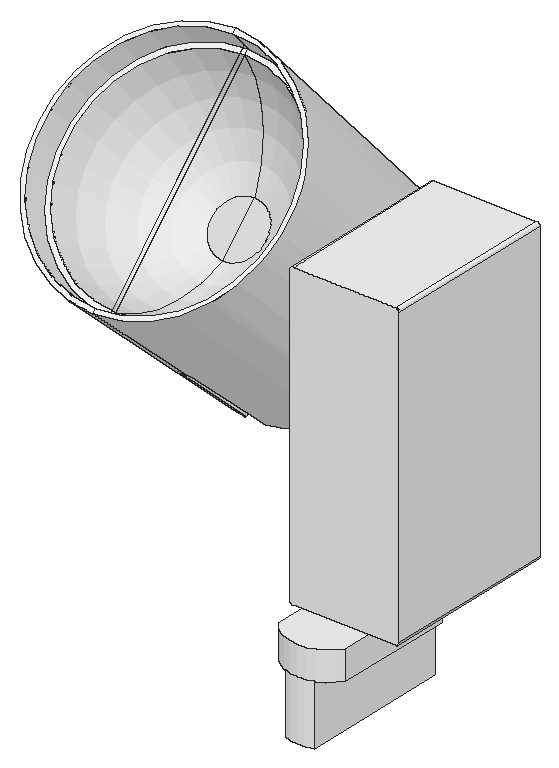
Revit family "0004830 Feilo Sylvania Lighting Fixture START TRACK SPOT L 35W 4K RA80 MB WHITE", category Lighting Fixtures, host Face, Revit 2017
Family settings
  Host = Face
  Round Connector Dimension = Use Diameter
  Part Type = Normal
  OmniClass Number = 23.80.70.00
  OmniClass Title = Lighting
  Cut with Voids When Loaded = No
  Light Source = No
  Shared = No
  Room Calculation Point = No
Parameters (values of type "0004830 START TRACK SPOT L 35W 4K RA80 MB WHITE")
  Weight = "1.368 kg"
  Wattage Comments = ""
  WarrantyStartDate [instance] = "n/a"
  WarrantyGuarantorParts = "n/a"
  WarrantyDurationUnit = "n/a"
  WarrantyDurationParts = "n/a"
  WarrantyDescription = "n/a"
  Voltage = 230 V
  URL = "http://www.sylvania-lighting.com"
  TypeName = "START TRACK SPOT L 35W 4K RA80 MB WHITE"
  TypeHead_FEILO = Start Track Spot Head : 0004830 START TRACK SPOT L 35W 4K RA80 MB WHITE
  TypeBox_FEILO = Start Track Spot Box : Type Large White
  Type Image = <None>
  Type Comments = "n/a"
  VerticalRotation_FEILO [instance] = 0.00°
  SlideEndAngle_FEILO [instance] = VerticalRotation_FEILO + 180.00°  # 180.00°
  SerialNumber [instance] = "n/a"
  Material_3_FEILO = none
  PowerFactor = 0.93
  PowerConsumption = "35 W"
  NominalLength = 0 mm
  NominalHeight = 240 mm
  NominalDepth = 164 mm
  Name = "START TRACK SPOT L 35W 4K RA80 MB WHITE"
  ModelReference = Name  # "START TRACK SPOT L 35W 4K RA80 MB WHITE"
  ModelNumber = "0004830"
  Model = Name  # "START TRACK SPOT L 35W 4K RA80 MB WHITE"
  Material = "adc12 aluminium housing, polycarbonate diffuser"
  ManufacturerName = "Feilo Sylvania"
  Manufacturer = "Feilo Sylvania"
  LuminousEfficacy = "115 lm/W"
  LuminaireType = ""
  LightOutputRatio = "100"
  LampsType = Lamp  # "LED"
  LampNominalLuminous = "4017 lm"
  LampMacAdamStep = "3"
  LampColourTemperature = "4000 K"
  LampColourRenderingIndex = "80"
  Lamp = "LED"
  Keynote = "16500"
  InstallationDate [instance] = "n/a"
  InputVoltage = "230-240V~"
  InputNominalFrequency = "50/60 Hz"
  IngressProtection = "IP20"
  ImpactProtectionIndex = "IK02"
  IfcExportType = "IfcLightFixtureType"
  IfcExportAs = "IfcLightFixtureType"
  HorizontalRotation_FEILO [instance] = 45.00°
  ExpectedLife = 50000
  ElectricShockClassification = "Class II"
  DurationUnit = "hours"
  DocumentationLiterature = "http://www.sylvania-lighting.com/product/en-int/products/0004830"
  DimmingControlOptions = "Non dimmable"
  Material_2_FEILO = none
  Description = "Integrated LED spotlight, Textured White - RAL9016, compact and minimalist design, ideal for retail applications, die-cast aluminium body, passive cooling heatsink. Beam angle: 38°, color temperature: 4000K , total system power: 35W, total fixture output: 4017 lm, LOR: 100%, colour rendering: Ra: 80 typical, LED Chromaticity: 3 step MacAdam ellipse, lifetime: >50000 hours at L70B50, energy class: A++, A+, A, IR/UV free light source without heat radiation, operating voltage: 220-240V / 50-60Hz, drive current: 900mA, electronic driver, non-dimmable, power factor: 0.93, electrical protection: Class II, Global Track 3 Phase adapter suitable for Global trac 3-circuit tracks, ingress protection rating: IP20, suitable for internal environment only, horizontal rotation: 355°, vertical tilt: 90°, dimensions: Ø113x164x240, weight: 1.368kg."
  Default Elevation = 1219.2 mm
  CreatedOn = "12/12/2017"
  CreatedBy = ""
  Cost = 0
  built-in parameter 1114216 [instance] = (empty or 0)
  ClassificationValue = "EF_70_80"
  ClassificationName = "Uniclass2015"
  Material_1_FEILO = Body-Sylvania-StartTrackSpot-White
  BarCode [instance] = "n/a"
  AssetType = "Fixed"
  AssetIdentifier [instance] = "n/a"
  Assembly Code = "D5020200"
  Apparent Load = 35 VA
  Material_4_FEILO = none
Reference planes
  plane 1 "Center (Front/Back)": y = 0
  plane 2: z = 0
  plane 3 "Center (Left/Right)": x = 0
  plane 4: x = 15
  plane 5: x = -15
  plane 6: y = 35
  plane 7: y = -35
  plane 8: z = 13
  plane 9: z = -27
  plane 10: x = 6.5
  plane 11: x = -6.5
  plane 12: y = 27
  plane 13: y = -27
  plane 14: y = 20
Forms (mm)
  Extrusion 1, solid, material "Body-Sylvania-StartTrackSpot-White" <- "Material_1_FEILO"
    sketch origin (0, 0, 0) x (1, 0, 0) y (0, 1, 0)
      loop
        line (-15, 27) -> (-15, -27)
        arc (-15, -27) -> (0, -35) -> (15, -27) r 18.062
        line (15, -27) -> (15, 27)
        arc (15, 27) -> (0, 35) -> (-15, 27) r 18.062
    from 0 to 13
  Extrusion 2, solid, material "Body-Sylvania-StartTrackSpot-White" <- "Material_1_FEILO"
    sketch origin (0, 0, 0) x (1, 0, 0) y (0, 1, 0)
      loop
        arc (6.5, 33.79) -> (0, 35) -> (-6.5, 33.79) r 18.062
        line (-6.5, 33.79) -> (-6.5, -33.79)
        arc (-6.5, -33.79) -> (0, -35) -> (6.5, -33.79) r 18.062
        line (6.5, -33.79) -> (6.5, 33.79)
    from 0 to -27
  Revolve 3, solid, not visible
    sketch origin (1524, 20, 1219.2) x (1, 0, 0) y (0, 0, 1)
      loop
        line (-1524, -1206.2) -> (-1524, -1191.285) -> (-1530.5, -1191.285) -> (-1530.5, -1206.2) -> (-1524, -1206.2)
      axis (-1524, -1191.285) -> (-1524, -1206.2)
    angle from 0 <- "VerticalRotation_FEILO" to 180 <- "SlideEndAngle_FEILO"
Cuts and joins
  joined: Extrusion 1, Extrusion 2
Dimensions and locks
  equal spacing: plane 10, plane 3 "Center (Left/Right)", plane 11
  equal spacing: plane 4, plane 3 "Center (Left/Right)", plane 5
  locked: plane 8 to plane 2 at 13
  locked: plane 8 to plane 9 at 40
  equal spacing: plane 13, plane 1 "Center (Front/Back)", plane 12
  locked: plane 12 to plane 6 at 8
  locked: plane 14 to plane 6 at 15
  locked: Revolve 3 sketch curve to plane 8 at 14.915
  aligned and locked: plane 2 to host face
  aligned and locked: level to host face
  aligned and locked: plane 5 to Extrusion 1 sketch curve  (x2)
  aligned and locked: plane 12 to Extrusion 1 sketch curve
  aligned and locked: plane 13 to Extrusion 1 sketch curve
  aligned and locked: plane 4 to Extrusion 1 sketch curve
  aligned and locked: Extrusion 1 to plane 8
  aligned and locked: Extrusion 1 to level
  aligned and locked: Extrusion 2 sketch curve to Extrusion 1  (x2)
  aligned and locked: Extrusion 2 sketch curve to plane 11
  aligned and locked: plane 10 to Extrusion 2 sketch curve
  aligned and locked: plane 9 to Extrusion 2
  aligned and locked: level to Extrusion 2
  aligned and locked: Revolve 3 sketch curve to plane 3 "Center (Left/Right)"  (x2)
  aligned and locked: plane 11 to Revolve 3 sketch curve
  aligned and locked: Revolve 3 sketch curve to plane 8
Automatic sketch dimensions
  host sketch curve to host sketch curve = 2438.4 mm  (x2)
  Extrusion 1 sketch curve to plane 3 "Center (Left/Right)" = 0 mm  (x2)
  Extrusion 1 sketch curve to plane 13 = 10.062 mm
  plane 12 to Extrusion 1 sketch curve = 10.062 mm
  Revolve 3 sketch curve to plane 3 "Center (Left/Right)" = 0 mm
  plane 9 to Revolve 3 sketch curve = 582.6 mm
  Revolve 3 sketch curve to Revolve 3 sketch curve = 2581.144 mm
Nested families
  nested 1: "Start Track Spot Head" at (-75.5, 20, 133) x (0, 0.7071, 0.7071) z (0, 0.7071, -0.7071), type <- "TypeHead_FEILO", type "0004830 START TRACK SPOT L 35W 4K RA80 MB WHITE"
    with built-in parameter 1114216 (empty or 0)
  nested 2: "Start Track Spot Box" at (8.5, 20, 85) x (-1, 0, 0) z (0, -1, 0), BoxStartAngle_FEILO <- "HorizontalRotation_FEILO", type <- "TypeBox_FEILO", type "Type Large White"
    with BoxStartAngle_FEILO 45.00°, BoxEndAngle_FEILO -135.00°
Connectors
  electrical at (0, 0, 0), driven by "Apparent Load", driven by "PowerFactor", driven by "Voltage"
    settings: index 1, voltage 230 V, apparent load 35 VA, apparent load phase1 0 VA, apparent load phase2 0 VA, apparent load phase3 0 VA, power factor 0.93, load classification "Lighting", number of poles 1, system type 30, power factor state 1, is connector primary yes, connector utility no, sub classification motor no, connector description ""
Definition of nested family "Start Track Spot Head"
  Parameters (values of type "0004811 START TRACK SPOT S 14W 3K RA80 NB WHITE")
    Wattage Comments = "n/a"
    Wattage = 14 W
    built-in parameter 1150110 = 1 (stored number, unit not read)
    URL = "http://www.feilosylvania.com"
    Type Image = (empty or 0)
    Type Comments = "n/a"
    built-in parameter 1114217 = 1 (stored number, unit not read)
    Tilt Angle = -90.00°
    built-in parameter 1150109 = 1 (stored number, unit not read)
    built-in parameter 1150134 = (empty or 0)
    built-in parameter 1150113 = 1 (stored number, unit not read)
    Photometric Web File = "0004811.ies"
    Material_3_FEILO = none
    Model = "START TRACK SPOT S 14W 3K RA80 NB WHITE"
    Manufacturer = "Feilo Sylvania"
    built-in parameter 1150105 = 123.66 (stored number, unit not read)
    Lumens = 1554 lm
    built-in parameter 1150115 = 1 (stored number, unit not read)
    built-in parameter 1150137 = (empty or 0)
    built-in parameter 1150139 = (empty or 0)
    built-in parameter 1150112 = 1 (stored number, unit not read)
    built-in parameter 1150114 = 1 (stored number, unit not read)
    Lamp = "LED"
    Keynote = "16500"
    Material_2_FEILO = none
    built-in parameter 1150132 = (empty or 0)
    built-in parameter 1150102 = (empty or 0)
    built-in parameter 1150107 = 3000 (stored number, unit not read)
    built-in parameter 1150138 = (empty or 0)
    built-in parameter 1150106 = 1.2366 (stored number, unit not read)
    HeadThickness_FEILO = if(HeadDiaOut_FEILO > 112 mm, 2 mm, 1.5 mm)  # 1.5 mm
    HeadRibOffset_FEILO = HeadHeight_FEILO / 28  # 4.179 mm
    HeadRibDepth_FEILO = HeadHeight_FEILO / 2.1  # 55.714 mm
    HeadRibCutWidth_FEILO = HeadDiaOut_FEILO / 12  # 7.167 mm
    HeadRibCutOffset_FEILO = HeadHeight_FEILO / 2.3  # 50.87 mm
    HeadReflectorRadius_FEILO = HeadDiaOut_FEILO / 1.7  # 50.588 mm
    HeadReflectorOffset_FEILO = HeadHeight_FEILO / 2.1  # 55.714 mm
    HeadLEDRadius_FEILO = HeadDiaOut_FEILO / 9  # 9.556 mm
    HeadHeight_FEILO = 117 mm
    HeadDraft_FEILO = 1 mm
    HeadDiffusorThickness_FEILO = 3 mm
    HeadDiffusorOffset_FEILO = HeadHeight_FEILO / 12.4  # 9.435 mm
    HeadDiaOut_FEILO = 86 mm
    HeadDiaIn_FEILO = HeadDiaOut_FEILO / 1.11  # 77.477 mm
    HeadAxisFromTop_FEILO = HeadHeight_FEILO / 1.687  # 69.354 mm
    Emit from Circle Diameter = HeadDiaIn_FEILO  # 77.477 mm
    Emit Shape Visible in Rendering = no
    built-in parameter 1150104 = 10.312 (stored number, unit not read)
    Dimming Lamp Color Temperature Shift = (empty or 0)
    Description = "Integrated LED spotlight, Textured White - RAL9016, compact and minimalist design, ideal for retail applications, die-cast aluminium body, passive cooling heatsink. Beam angle: 12°, color temperature: 3000K , total system power: 14W, total fixture output: 1551 lm, LOR: 100%, colour rendering: Ra: 80 typical, LED Chromaticity: 3 step MacAdam ellipse, lifetime: >50000 hours at L70B50, energy class: A++, A+, A, IR/UV free light source without heat radiation, operating voltage: 220-240V / 50-60Hz, drive current: 350mA, electronic driver, non-dimmable, power factor: 0.92, electrical protection: Class II, Global Track 3 Phase adapter suitable for Global trac 3-circuit tracks, ingress protection rating: IP20, suitable for internal environment only, horizontal rotation: 355°, vertical tilt: 90°, dimensions: Ø86x140x200, weight: 0.940kg."
    Default Elevation = 1219.2 mm
    Cost = 0
    Color Filter = 16777215
    built-in parameter 1114216 [instance] = (empty or 0)
    Material_1_FEILO = none
    built-in parameter 1114218 = 1 (stored number, unit not read)
    built-in parameter 1150133 = 10 (stored number, unit not read)
    Assembly Code = "D5020200"
    Apparent Load = 14 VA
    Material_4_FEILO = none
  Types (96, lengths in mm): name | Wattage | built-in parameter 1150134 | Photometric Web File | Model | built-in parameter 1150105 | Lumens | built-in parameter 1150107 | built-in parameter 1150106 | HeadThickness_FEILO | HeadRibOffset_FEILO | HeadRibDepth_FEILO | HeadRibCutWidth_FEILO | HeadRibCutOffset_FEILO | HeadReflectorRadius_FEILO | HeadReflectorOffset_FEILO | HeadLEDRadius_FEILO | HeadHeight_FEILO | HeadDiffusorOffset_FEILO | HeadDiaOut_FEILO | HeadDiaIn_FEILO | HeadAxisFromTop_FEILO | Emit from Circle Diameter | built-in parameter 1150104 | Description | Apparent Load
    0004906 START TRACK SPOT L 55W 4K RA90 WB BLACK | 55 W | 12 | "0004906.ies" | "START TRACK SPOT L 55W 4K RA90 WB BLACK" | 385.15 (stored number, unit not read) | 4840 lm | 4000 (stored number, unit not read) | 3.8515 (stored number, unit not read) | 2 | 4.429 | 59.048 | 9.417 | 53.913 | 66.471 | 59.048 | 12.556 | 124 | 10 | 113 | 101.802 | 73.503 | 101.802 | 8.1755 (stored number, unit not read) | "Integrated LED spotlight, Textured Black - RAL9005, compact and minimalist design, ideal for retail applications, die-cast aluminium body, passive cooling heatsink. Beam angle: 52°, color temperature: 4000K , total system power: 55W, total fixture output: 4824 lm, LOR: 100%, colour rendering: Ra: 90 typical, LED Chromaticity: 3 step MacAdam ellipse, lifetime: >50000 hours at L70B50, energy class: A++, A+, A, IR/UV free light source without heat radiation, operating voltage: 220-240V / 50-60Hz, drive current: 1400mA, electronic driver, non-dimmable, power factor: 0.96, electrical protection: Class II, Global Track 3 Phase adapter suitable for Global trac 3-circuit tracks, ingress protection rating: IP20, suitable for internal environment only, horizontal rotation: 355°, vertical tilt: 90°, dimensions: Ø113x164x240, weight: 1.398kg." | 55 VA
    0004905 START TRACK SPOT L 55W 4K RA90 MB BLACK | 55 W | 12 | "0004905.ies" | "START TRACK SPOT L 55W 4K RA90 MB BLACK" | 389.53 (stored number, unit not read) | 4895 lm | 4000 (stored number, unit not read) | 3.8953 (stored number, unit not read) | 2 | 4.429 | 59.048 | 9.417 | 53.913 | 66.471 | 59.048 | 12.556 | 124 | 10 | 113 | 101.802 | 73.503 | 101.802 | 8.2684 (stored number, unit not read) | "Integrated LED spotlight, Textured Black - RAL9005, compact and minimalist design, ideal for retail applications, die-cast aluminium body, passive cooling heatsink. Beam angle: 38°, color temperature: 4000K , total system power: 55W, total fixture output: 4897 lm, LOR: 100%, colour rendering: Ra: 90 typical, LED Chromaticity: 3 step MacAdam ellipse, lifetime: >50000 hours at L70B50, energy class: A++, A+, A, IR/UV free light source without heat radiation, operating voltage: 220-240V / 50-60Hz, drive current: 1400mA, electronic driver, non-dimmable, power factor: 0.96, electrical protection: Class II, Global Track 3 Phase adapter suitable for Global trac 3-circuit tracks, ingress protection rating: IP20, suitable for internal environment only, horizontal rotation: 355°, vertical tilt: 90°, dimensions: Ø113x164x240, weight: 1.398kg." | 55 VA
    0004904 START TRACK SPOT L 55W 4K RA90 NB BLACK | 55 W | 12 | "0004904.ies" | "START TRACK SPOT L 55W 4K RA90 NB BLACK" | 393.91 (stored number, unit not read) | 4950 lm | 4000 (stored number, unit not read) | 3.9391 (stored number, unit not read) | 2 | 4.429 | 59.048 | 9.417 | 53.913 | 66.471 | 59.048 | 12.556 | 124 | 10 | 113 | 101.802 | 73.503 | 101.802 | 8.3613 (stored number, unit not read) | "Integrated LED spotlight, Textured Black - RAL9005, compact and minimalist design, ideal for retail applications, die-cast aluminium body, passive cooling heatsink. Beam angle: 15°, color temperature: 4000K , total system power: 55W, total fixture output: 4965 lm, LOR: 100%, colour rendering: Ra: 90 typical, LED Chromaticity: 3 step MacAdam ellipse, lifetime: >50000 hours at L70B50, energy class: A++, A+, A, IR/UV free light source without heat radiation, operating voltage: 220-240V / 50-60Hz, drive current: 1400mA, electronic driver, non-dimmable, power factor: 0.96, electrical protection: Class II, Global Track 3 Phase adapter suitable for Global trac 3-circuit tracks, ingress protection rating: IP20, suitable for internal environment only, horizontal rotation: 355°, vertical tilt: 90°, dimensions: Ø113x164x240, weight: 1.398kg." | 55 VA
    0004903 START TRACK SPOT L 35W 4K RA90 WB BLACK | 35 W | 12 | "0004903.ies" | "START TRACK SPOT L 35W 4K RA90 WB BLACK" | 284.09 (stored number, unit not read) | 3570 lm | 4000 (stored number, unit not read) | 2.8409 (stored number, unit not read) | 2 | 4.429 | 59.048 | 9.417 | 53.913 | 66.471 | 59.048 | 12.556 | 124 | 10 | 113 | 101.802 | 73.503 | 101.802 | 9.4761 (stored number, unit not read) | "Integrated LED spotlight, Textured Black - RAL9005, compact and minimalist design, ideal for retail applications, die-cast aluminium body, passive cooling heatsink. Beam angle: 52°, color temperature: 4000K , total system power: 35W, total fixture output: 3562 lm, LOR: 100%, colour rendering: Ra: 90 typical, LED Chromaticity: 3 step MacAdam ellipse, lifetime: >50000 hours at L70B50, energy class: A++, A+, A, IR/UV free light source without heat radiation, operating voltage: 220-240V / 50-60Hz, drive current: 900mA, electronic driver, non-dimmable, power factor: 0.93, electrical protection: Class II, Global Track 3 Phase adapter suitable for Global trac 3-circuit tracks, ingress protection rating: IP20, suitable for internal environment only, horizontal rotation: 355°, vertical tilt: 90°, dimensions: Ø113x164x240, weight: 1.368kg." | 35 VA
    0004902 START TRACK SPOT L 35W 4K RA90 MB BLACK | 35 W | 12 | "0004902.ies" | "START TRACK SPOT L 35W 4K RA90 MB BLACK" | 286.88 (stored number, unit not read) | 3605 lm | 4000 (stored number, unit not read) | 2.8688 (stored number, unit not read) | 2 | 4.429 | 59.048 | 9.417 | 53.913 | 66.471 | 59.048 | 12.556 | 124 | 10 | 113 | 101.802 | 73.503 | 101.802 | 9.569 (stored number, unit not read) | "Integrated LED spotlight, Textured Black - RAL9005, compact and minimalist design, ideal for retail applications, die-cast aluminium body, passive cooling heatsink. Beam angle: 38°, color temperature: 4000K , total system power: 35W, total fixture output: 3616 lm, LOR: 100%, colour rendering: Ra: 90 typical, LED Chromaticity: 3 step MacAdam ellipse, lifetime: >50000 hours at L70B50, energy class: A++, A+, A, IR/UV free light source without heat radiation, operating voltage: 220-240V / 50-60Hz, drive current: 900mA, electronic driver, non-dimmable, power factor: 0.93, electrical protection: Class II, Global Track 3 Phase adapter suitable for Global trac 3-circuit tracks, ingress protection rating: IP20, suitable for internal environment only, horizontal rotation: 355°, vertical tilt: 90°, dimensions: Ø113x164x240, weight: 1.368kg." | 35 VA
    0004901 START TRACK SPOT L 35W 4K RA90 NB BLACK | 35 W | 12 | "0004901.ies" | "START TRACK SPOT L 35W 4K RA90 NB BLACK" | 286.88 (stored number, unit not read) | 3605 lm | 4000 (stored number, unit not read) | 2.8688 (stored number, unit not read) | 2 | 4.429 | 59.048 | 9.417 | 53.913 | 66.471 | 59.048 | 12.556 | 124 | 10 | 113 | 101.802 | 73.503 | 101.802 | 9.569 (stored number, unit not read) | "Integrated LED spotlight, Textured Black - RAL9005, compact and minimalist design, ideal for retail applications, die-cast aluminium body, passive cooling heatsink. Beam angle: 15°, color temperature: 4000K , total system power: 35W, total fixture output: 3593 lm, LOR: 100%, colour rendering: Ra: 90 typical, LED Chromaticity: 3 step MacAdam ellipse, lifetime: >50000 hours at L70B50, energy class: A++, A+, A, IR/UV free light source without heat radiation, operating voltage: 220-240V / 50-60Hz, drive current: 900mA, electronic driver, non-dimmable, power factor: 0.93, electrical protection: Class II, Global Track 3 Phase adapter suitable for Global trac 3-circuit tracks, ingress protection rating: IP20, suitable for internal environment only, horizontal rotation: 355°, vertical tilt: 90°, dimensions: Ø113x164x240, weight: 1.368kg." | 35 VA
    0004900 START TRACK SPOT S 24W 4K RA90 WB BLACK | 24 W | 12 | "0004900.ies" | "START TRACK SPOT S 24W 4K RA90 WB BLACK" | 166.16 (stored number, unit not read) | 2088 lm | 4000 (stored number, unit not read) | 1.6616 (stored number, unit not read) | 1.5 | 4.179 | 55.714 | 7.167 | 50.87 | 50.588 | 55.714 | 9.556 | 117 | 9.435 | 86 | 77.477 | 69.354 | 77.477 | 8.0826 (stored number, unit not read) | "Integrated LED spotlight, Textured Black - RAL9005, compact and minimalist design, ideal for retail applications, die-cast aluminium body, passive cooling heatsink. Beam angle: 64°, color temperature: 4000K , total system power: 24W, total fixture output: 2087 lm, LOR: 100%, colour rendering: Ra: 90 typical, LED Chromaticity: 3 step MacAdam ellipse, lifetime: >50000 hours at L70B50, energy class: A++, A+, A, IR/UV free light source without heat radiation, operating voltage: 220-240V / 50-60Hz, drive current: 600mA, electronic driver, non-dimmable, power factor: 0.95, electrical protection: Class II, Global Track 3 Phase adapter suitable for Global trac 3-circuit tracks, ingress protection rating: IP20, suitable for internal environment only, horizontal rotation: 355°, vertical tilt: 90°, dimensions: Ø86x140x200, weight: 0.966kg." | 24 VA
    0004899 START TRACK SPOT S 24W 4K RA90 MB BLACK | 24 W | 12 | "0004899.ies" | "START TRACK SPOT S 24W 4K RA90 MB BLACK" | 169.98 (stored number, unit not read) | 2136 lm | 4000 (stored number, unit not read) | 1.6998 (stored number, unit not read) | 1.5 | 4.179 | 55.714 | 7.167 | 50.87 | 50.588 | 55.714 | 9.556 | 117 | 9.435 | 86 | 77.477 | 69.354 | 77.477 | 8.2684 (stored number, unit not read) | "Integrated LED spotlight, Textured Black - RAL9005, compact and minimalist design, ideal for retail applications, die-cast aluminium body, passive cooling heatsink. Beam angle: 36°, color temperature: 4000K , total system power: 24W, total fixture output: 2141 lm, LOR: 100%, colour rendering: Ra: 90 typical, LED Chromaticity: 3 step MacAdam ellipse, lifetime: >50000 hours at L70B50, energy class: A++, A+, A, IR/UV free light source without heat radiation, operating voltage: 220-240V / 50-60Hz, drive current: 600mA, electronic driver, non-dimmable, power factor: 0.95, electrical protection: Class II, Global Track 3 Phase adapter suitable for Global trac 3-circuit tracks, ingress protection rating: IP20, suitable for internal environment only, horizontal rotation: 355°, vertical tilt: 90°, dimensions: Ø86x140x200, weight: 0.966kg." | 24 VA
    0004898 START TRACK SPOT S 24W 4K RA90 NB BLACK | 24 W | 12 | "0004898.ies" | "START TRACK SPOT S 24W 4K RA90 NB BLACK" | 171.89 (stored number, unit not read) | 2160 lm | 4000 (stored number, unit not read) | 1.7189 (stored number, unit not read) | 1.5 | 4.179 | 55.714 | 7.167 | 50.87 | 50.588 | 55.714 | 9.556 | 117 | 9.435 | 86 | 77.477 | 69.354 | 77.477 | 8.3613 (stored number, unit not read) | "Integrated LED spotlight, Textured Black - RAL9005, compact and minimalist design, ideal for retail applications, die-cast aluminium body, passive cooling heatsink. Beam angle: 12°, color temperature: 4000K , total system power: 24W, total fixture output: 2155 lm, LOR: 100%, colour rendering: Ra: 90 typical, LED Chromaticity: 3 step MacAdam ellipse, lifetime: >50000 hours at L70B50, energy class: A++, A+, A, IR/UV free light source without heat radiation, operating voltage: 220-240V / 50-60Hz, drive current: 600mA, electronic driver, non-dimmable, power factor: 0.95, electrical protection: Class II, Global Track 3 Phase adapter suitable for Global trac 3-circuit tracks, ingress protection rating: IP20, suitable for internal environment only, horizontal rotation: 355°, vertical tilt: 90°, dimensions: Ø86x140x200, weight: 0.966kg." | 24 VA
    0004897 START TRACK SPOT S 14W 4K RA90 WB BLACK | 14 W | 12 | "0004897.ies" | "START TRACK SPOT S 14W 4K RA90 WB BLACK" | 108.07 (stored number, unit not read) | 1358 lm | 4000 (stored number, unit not read) | 1.0807 (stored number, unit not read) | 1.5 | 4.179 | 55.714 | 7.167 | 50.87 | 50.588 | 55.714 | 9.556 | 117 | 9.435 | 86 | 77.477 | 69.354 | 77.477 | 9.0116 (stored number, unit not read) | "Integrated LED spotlight, Textured Black - RAL9005, compact and minimalist design, ideal for retail applications, die-cast aluminium body, passive cooling heatsink. Beam angle: 64°, color temperature: 4000K , total system power: 14W, total fixture output: 1352 lm, LOR: 100%, colour rendering: Ra: 90 typical, LED Chromaticity: 3 step MacAdam ellipse, lifetime: >50000 hours at L70B50, energy class: A++, A+, A, IR/UV free light source without heat radiation, operating voltage: 220-240V / 50-60Hz, drive current: 350mA, electronic driver, non-dimmable, power factor: 0.92, electrical protection: Class II, Global Track 3 Phase adapter suitable for Global trac 3-circuit tracks, ingress protection rating: IP20, suitable for internal environment only, horizontal rotation: 355°, vertical tilt: 90°, dimensions: Ø86x140x200, weight: 0.940kg." | 14 VA
    0004896 START TRACK SPOT S 14W 4K RA90 MB BLACK | 14 W | 12 | "0004896.ies" | "START TRACK SPOT S 14W 4K RA90 MB BLACK" | 108.07 (stored number, unit not read) | 1358 lm | 4000 (stored number, unit not read) | 1.0807 (stored number, unit not read) | 1.5 | 4.179 | 55.714 | 7.167 | 50.87 | 50.588 | 55.714 | 9.556 | 117 | 9.435 | 86 | 77.477 | 69.354 | 77.477 | 9.0116 (stored number, unit not read) | "Integrated LED spotlight, Textured Black - RAL9005, compact and minimalist design, ideal for retail applications, die-cast aluminium body, passive cooling heatsink. Beam angle: 36°, color temperature: 4000K , total system power: 14W, total fixture output: 1359 lm, LOR: 100%, colour rendering: Ra: 90 typical, LED Chromaticity: 3 step MacAdam ellipse, lifetime: >50000 hours at L70B50, energy class: A++, A+, A, IR/UV free light source without heat radiation, operating voltage: 220-240V / 50-60Hz, drive current: 350mA, electronic driver, non-dimmable, power factor: 0.92, electrical protection: Class II, Global Track 3 Phase adapter suitable for Global trac 3-circuit tracks, ingress protection rating: IP20, suitable for internal environment only, horizontal rotation: 355°, vertical tilt: 90°, dimensions: Ø86x140x200, weight: 0.940kg." | 14 VA
    0004895 START TRACK SPOT S 14W 4K RA90 NB BLACK | 14 W | 12 | "0004895.ies" | "START TRACK SPOT S 14W 4K RA90 NB BLACK" | 106.95 (stored number, unit not read) | 1344 lm | 4000 (stored number, unit not read) | 1.0695 (stored number, unit not read) | 1.5 | 4.179 | 55.714 | 7.167 | 50.87 | 50.588 | 55.714 | 9.556 | 117 | 9.435 | 86 | 77.477 | 69.354 | 77.477 | 8.9187 (stored number, unit not read) | "Integrated LED spotlight, Textured Black - RAL9005, compact and minimalist design, ideal for retail applications, die-cast aluminium body, passive cooling heatsink. Beam angle: 12°, color temperature: 4000K , total system power: 14W, total fixture output: 1349 lm, LOR: 100%, colour rendering: Ra: 90 typical, LED Chromaticity: 3 step MacAdam ellipse, lifetime: >50000 hours at L70B50, energy class: A++, A+, A, IR/UV free light source without heat radiation, operating voltage: 220-240V / 50-60Hz, drive current: 350mA, electronic driver, non-dimmable, power factor: 0.92, electrical protection: Class II, Global Track 3 Phase adapter suitable for Global trac 3-circuit tracks, ingress protection rating: IP20, suitable for internal environment only, horizontal rotation: 355°, vertical tilt: 90°, dimensions: Ø86x140x200, weight: 0.940kg." | 14 VA
    0004894 START TRACK SPOT L 55W 3K RA90 WB BLACK | 55 W | (empty or 0) | "0004894.ies" | "START TRACK SPOT L 55W 3K RA90 WB BLACK" | 350.14 (stored number, unit not read) | 4400 lm | 3000 (stored number, unit not read) | 3.5014 (stored number, unit not read) | 2 | 4.429 | 59.048 | 9.417 | 53.913 | 66.471 | 59.048 | 12.556 | 124 | 10 | 113 | 101.802 | 73.503 | 101.802 | 7.4322 (stored number, unit not read) | "Integrated LED spotlight, Textured Black - RAL9005, compact and minimalist design, ideal for retail applications, die-cast aluminium body, passive cooling heatsink. Beam angle: 52°, color temperature: 3000K , total system power: 55W, total fixture output: 4405 lm, LOR: 100%, colour rendering: Ra: 90 typical, LED Chromaticity: 3 step MacAdam ellipse, lifetime: >50000 hours at L70B50, energy class: A++, A+, A, IR/UV free light source without heat radiation, operating voltage: 220-240V / 50-60Hz, drive current: 1400mA, electronic driver, non-dimmable, power factor: 0.96, electrical protection: Class II, Global Track 3 Phase adapter suitable for Global trac 3-circuit tracks, ingress protection rating: IP20, suitable for internal environment only, horizontal rotation: 355°, vertical tilt: 90°, dimensions: Ø113x164x240, weight: 1.398kg." | 55 VA
    0004893 START TRACK SPOT L 55W 3K RA90 MB BLACK | 55 W | (empty or 0) | "0004893.ies" | "START TRACK SPOT L 55W 3K RA90 MB BLACK" | 354.52 (stored number, unit not read) | 4455 lm | 3000 (stored number, unit not read) | 3.5452 (stored number, unit not read) | 2 | 4.429 | 59.048 | 9.417 | 53.913 | 66.471 | 59.048 | 12.556 | 124 | 10 | 113 | 101.802 | 73.503 | 101.802 | 7.5251 (stored number, unit not read) | "Integrated LED spotlight, Textured Black - RAL9005, compact and minimalist design, ideal for retail applications, die-cast aluminium body, passive cooling heatsink. Beam angle: 38°, color temperature: 3000K , total system power: 55W, total fixture output: 4448 lm, LOR: 100%, colour rendering: Ra: 90 typical, LED Chromaticity: 3 step MacAdam ellipse, lifetime: >50000 hours at L70B50, energy class: A++, A+, A, IR/UV free light source without heat radiation, operating voltage: 220-240V / 50-60Hz, drive current: 1400mA, electronic driver, non-dimmable, power factor: 0.96, electrical protection: Class II, Global Track 3 Phase adapter suitable for Global trac 3-circuit tracks, ingress protection rating: IP20, suitable for internal environment only, horizontal rotation: 355°, vertical tilt: 90°, dimensions: Ø113x164x240, weight: 1.398kg." | 55 VA
    0004892 START TRACK SPOT L 55W 3K RA90 NB BLACK | 55 W | (empty or 0) | "0004892.ies" | "START TRACK SPOT L 55W 3K RA90 NB BLACK" | 350.14 (stored number, unit not read) | 4400 lm | 3000 (stored number, unit not read) | 3.5014 (stored number, unit not read) | 2 | 4.429 | 59.048 | 9.417 | 53.913 | 66.471 | 59.048 | 12.556 | 124 | 10 | 113 | 101.802 | 73.503 | 101.802 | 7.4322 (stored number, unit not read) | "Integrated LED spotlight, Textured Black - RAL9005, compact and minimalist design, ideal for retail applications, die-cast aluminium body, passive cooling heatsink. Beam angle: 15°, color temperature: 3000K , total system power: 55W, total fixture output: 4416 lm, LOR: 100%, colour rendering: Ra: 90 typical, LED Chromaticity: 3 step MacAdam ellipse, lifetime: >50000 hours at L70B50, energy class: A++, A+, A, IR/UV free light source without heat radiation, operating voltage: 220-240V / 50-60Hz, drive current: 1400mA, electronic driver, non-dimmable, power factor: 0.96, electrical protection: Class II, Global Track 3 Phase adapter suitable for Global trac 3-circuit tracks, ingress protection rating: IP20, suitable for internal environment only, horizontal rotation: 355°, vertical tilt: 90°, dimensions: Ø113x164x240, weight: 1.398kg." | 55 VA
    0004891 START TRACK SPOT L 35W 3K RA90 WB BLACK | 35 W | (empty or 0) | "0004891.ies" | "START TRACK SPOT L 35W 3K RA90 WB BLACK" | 259.02 (stored number, unit not read) | 3255 lm | 3000 (stored number, unit not read) | 2.5902 (stored number, unit not read) | 2 | 4.429 | 59.048 | 9.417 | 53.913 | 66.471 | 59.048 | 12.556 | 124 | 10 | 113 | 101.802 | 73.503 | 101.802 | 8.64 (stored number, unit not read) | "Integrated LED spotlight, Textured Black - RAL9005, compact and minimalist design, ideal for retail applications, die-cast aluminium body, passive cooling heatsink. Beam angle: 52°, color temperature: 3000K , total system power: 35W, total fixture output: 3260 lm, LOR: 100%, colour rendering: Ra: 90 typical, LED Chromaticity: 3 step MacAdam ellipse, lifetime: >50000 hours at L70B50, energy class: A++, A+, A, IR/UV free light source without heat radiation, operating voltage: 220-240V / 50-60Hz, drive current: 900mA, electronic driver, non-dimmable, power factor: 0.93, electrical protection: Class II, Global Track 3 Phase adapter suitable for Global trac 3-circuit tracks, ingress protection rating: IP20, suitable for internal environment only, horizontal rotation: 355°, vertical tilt: 90°, dimensions: Ø113x164x240, weight: 1.368kg." | 35 VA
    0004890 START TRACK SPOT L 35W 3K RA90 MB BLACK | 35 W | (empty or 0) | "0004890.ies" | "START TRACK SPOT L 35W 3K RA90 MB BLACK" | 261.81 (stored number, unit not read) | 3290 lm | 3000 (stored number, unit not read) | 2.6181 (stored number, unit not read) | 2 | 4.429 | 59.048 | 9.417 | 53.913 | 66.471 | 59.048 | 12.556 | 124 | 10 | 113 | 101.802 | 73.503 | 101.802 | 8.7329 (stored number, unit not read) | "Integrated LED spotlight, Textured Black - RAL9005, compact and minimalist design, ideal for retail applications, die-cast aluminium body, passive cooling heatsink. Beam angle: 38°, color temperature: 3000K , total system power: 35W, total fixture output: 3306 lm, LOR: 100%, colour rendering: Ra: 90 typical, LED Chromaticity: 3 step MacAdam ellipse, lifetime: >50000 hours at L70B50, energy class: A++, A+, A, IR/UV free light source without heat radiation, operating voltage: 220-240V / 50-60Hz, drive current: 900mA, electronic driver, non-dimmable, power factor: 0.93, electrical protection: Class II, Global Track 3 Phase adapter suitable for Global trac 3-circuit tracks, ingress protection rating: IP20, suitable for internal environment only, horizontal rotation: 355°, vertical tilt: 90°, dimensions: Ø113x164x240, weight: 1.368kg." | 35 VA
    0004889 START TRACK SPOT L 35W 3K RA90 NB BLACK | 35 W | (empty or 0) | "0004889.ies" | "START TRACK SPOT L 35W 3K RA90 NB BLACK" | 261.81 (stored number, unit not read) | 3290 lm | 3000 (stored number, unit not read) | 2.6181 (stored number, unit not read) | 2 | 4.429 | 59.048 | 9.417 | 53.913 | 66.471 | 59.048 | 12.556 | 124 | 10 | 113 | 101.802 | 73.503 | 101.802 | 8.7329 (stored number, unit not read) | "Integrated LED spotlight, Textured Black - RAL9005, compact and minimalist design, ideal for retail applications, die-cast aluminium body, passive cooling heatsink. Beam angle: 15°, color temperature: 3000K , total system power: 35W, total fixture output: 3287 lm, LOR: 100%, colour rendering: Ra: 90 typical, LED Chromaticity: 3 step MacAdam ellipse, lifetime: >50000 hours at L70B50, energy class: A++, A+, A, IR/UV free light source without heat radiation, operating voltage: 220-240V / 50-60Hz, drive current: 900mA, electronic driver, non-dimmable, power factor: 0.93, electrical protection: Class II, Global Track 3 Phase adapter suitable for Global trac 3-circuit tracks, ingress protection rating: IP20, suitable for internal environment only, horizontal rotation: 355°, vertical tilt: 90°, dimensions: Ø113x164x240, weight: 1.368kg." | 35 VA
    0004888 START TRACK SPOT S 24W 3K RA90 WB BLACK | 24 W | (empty or 0) | "0004888.ies" | "START TRACK SPOT S 24W 3K RA90 WB BLACK" | 152.79 (stored number, unit not read) | 1920 lm | 3000 (stored number, unit not read) | 1.5279 (stored number, unit not read) | 1.5 | 4.179 | 55.714 | 7.167 | 50.87 | 50.588 | 55.714 | 9.556 | 117 | 9.435 | 86 | 77.477 | 69.354 | 77.477 | 7.4322 (stored number, unit not read) | "Integrated LED spotlight, Textured Black - RAL9005, compact and minimalist design, ideal for retail applications, die-cast aluminium body, passive cooling heatsink. Beam angle: 64°, color temperature: 3000K , total system power: 24W, total fixture output: 1928 lm, LOR: 100%, colour rendering: Ra: 90 typical, LED Chromaticity: 3 step MacAdam ellipse, lifetime: >50000 hours at L70B50, energy class: A++, A+, A, IR/UV free light source without heat radiation, operating voltage: 220-240V / 50-60Hz, drive current: 600mA, electronic driver, non-dimmable, power factor: 0.95, electrical protection: Class II, Global Track 3 Phase adapter suitable for Global trac 3-circuit tracks, ingress protection rating: IP20, suitable for internal environment only, horizontal rotation: 355°, vertical tilt: 90°, dimensions: Ø86x140x200, weight: 0.966kg." | 24 VA
    0004887 START TRACK SPOT S 24W 3K RA90 MB BLACK | 24 W | (empty or 0) | "0004887.ies" | "START TRACK SPOT S 24W 3K RA90 MB BLACK" | 154.7 (stored number, unit not read) | 1944 lm | 3000 (stored number, unit not read) | 1.547 (stored number, unit not read) | 1.5 | 4.179 | 55.714 | 7.167 | 50.87 | 50.588 | 55.714 | 9.556 | 117 | 9.435 | 86 | 77.477 | 69.354 | 77.477 | 7.5251 (stored number, unit not read) | "Integrated LED spotlight, Textured Black - RAL9005, compact and minimalist design, ideal for retail applications, die-cast aluminium body, passive cooling heatsink. Beam angle: 36°, color temperature: 3000K , total system power: 24W, total fixture output: 1944 lm, LOR: 100%, colour rendering: Ra: 90 typical, LED Chromaticity: 3 step MacAdam ellipse, lifetime: >50000 hours at L70B50, energy class: A++, A+, A, IR/UV free light source without heat radiation, operating voltage: 220-240V / 50-60Hz, drive current: 600mA, electronic driver, non-dimmable, power factor: 0.95, electrical protection: Class II, Global Track 3 Phase adapter suitable for Global trac 3-circuit tracks, ingress protection rating: IP20, suitable for internal environment only, horizontal rotation: 355°, vertical tilt: 90°, dimensions: Ø86x140x200, weight: 0.966kg." | 24 VA
    0004886 START TRACK SPOT S 24W 3K RA90 NB BLACK | 24 W | (empty or 0) | "0004886.ies" | "START TRACK SPOT S 24W 3K RA90 NB BLACK" | 158.52 (stored number, unit not read) | 1992 lm | 3000 (stored number, unit not read) | 1.5852 (stored number, unit not read) | 1.5 | 4.179 | 55.714 | 7.167 | 50.87 | 50.588 | 55.714 | 9.556 | 117 | 9.435 | 86 | 77.477 | 69.354 | 77.477 | 7.711 (stored number, unit not read) | "Integrated LED spotlight, Textured Black - RAL9005, compact and minimalist design, ideal for retail applications, die-cast aluminium body, passive cooling heatsink. Beam angle: 12°, color temperature: 3000K , total system power: 24W, total fixture output: 1987 lm, LOR: 100%, colour rendering: Ra: 90 typical, LED Chromaticity: 3 step MacAdam ellipse, lifetime: >50000 hours at L70B50, energy class: A++, A+, A, IR/UV free light source without heat radiation, operating voltage: 220-240V / 50-60Hz, drive current: 600mA, electronic driver, non-dimmable, power factor: 0.95, electrical protection: Class II, Global Track 3 Phase adapter suitable for Global trac 3-circuit tracks, ingress protection rating: IP20, suitable for internal environment only, horizontal rotation: 355°, vertical tilt: 90°, dimensions: Ø86x140x200, weight: 0.966kg." | 24 VA
    0004885 START TRACK SPOT S 14W 3K RA90 WB BLACK | 14 W | (empty or 0) | "0004885.ies" | "START TRACK SPOT S 14W 3K RA90 WB BLACK" | 100.27 (stored number, unit not read) | 1260 lm | 3000 (stored number, unit not read) | 1.0027 (stored number, unit not read) | 1.5 | 4.179 | 55.714 | 7.167 | 50.87 | 50.588 | 55.714 | 9.556 | 117 | 9.435 | 86 | 77.477 | 69.354 | 77.477 | 8.3613 (stored number, unit not read) | "Integrated LED spotlight, Textured Black - RAL9005, compact and minimalist design, ideal for retail applications, die-cast aluminium body, passive cooling heatsink. Beam angle: 64°, color temperature: 3000K , total system power: 14W, total fixture output: 1262 lm, LOR: 100%, colour rendering: Ra: 90 typical, LED Chromaticity: 3 step MacAdam ellipse, lifetime: >50000 hours at L70B50, energy class: A++, A+, A, IR/UV free light source without heat radiation, operating voltage: 220-240V / 50-60Hz, drive current: 350mA, electronic driver, non-dimmable, power factor: 0.92, electrical protection: Class II, Global Track 3 Phase adapter suitable for Global trac 3-circuit tracks, ingress protection rating: IP20, suitable for internal environment only, horizontal rotation: 355°, vertical tilt: 90°, dimensions: Ø86x140x200, weight: 0.940kg." | 14 VA
    0004884 START TRACK SPOT S 14W 3K RA90 MB BLACK | 14 W | (empty or 0) | "0004884.ies" | "START TRACK SPOT S 14W 3K RA90 MB BLACK" | 100.27 (stored number, unit not read) | 1260 lm | 3000 (stored number, unit not read) | 1.0027 (stored number, unit not read) | 1.5 | 4.179 | 55.714 | 7.167 | 50.87 | 50.588 | 55.714 | 9.556 | 117 | 9.435 | 86 | 77.477 | 69.354 | 77.477 | 8.3613 (stored number, unit not read) | "Integrated LED spotlight, Textured Black - RAL9005, compact and minimalist design, ideal for retail applications, die-cast aluminium body, passive cooling heatsink. Beam angle: 36°, color temperature: 3000K , total system power: 14W, total fixture output: 1262 lm, LOR: 100%, colour rendering: Ra: 90 typical, LED Chromaticity: 3 step MacAdam ellipse, lifetime: >50000 hours at L70B50, energy class: A++, A+, A, IR/UV free light source without heat radiation, operating voltage: 220-240V / 50-60Hz, drive current: 350mA, electronic driver, non-dimmable, power factor: 0.92, electrical protection: Class II, Global Track 3 Phase adapter suitable for Global trac 3-circuit tracks, ingress protection rating: IP20, suitable for internal environment only, horizontal rotation: 355°, vertical tilt: 90°, dimensions: Ø86x140x200, weight: 0.940kg." | 14 VA
    0004883 START TRACK SPOT S 14W 3K RA90 NB BLACK | 14 W | (empty or 0) | "0004883.ies" | "START TRACK SPOT S 14W 3K RA90 NB BLACK" | 102.5 (stored number, unit not read) | 1288 lm | 3000 (stored number, unit not read) | 1.025 (stored number, unit not read) | 1.5 | 4.179 | 55.714 | 7.167 | 50.87 | 50.588 | 55.714 | 9.556 | 117 | 9.435 | 86 | 77.477 | 69.354 | 77.477 | 8.5471 (stored number, unit not read) | "Integrated LED spotlight, Textured Black - RAL9005, compact and minimalist design, ideal for retail applications, die-cast aluminium body, passive cooling heatsink. Beam angle: 12°, color temperature: 3000K , total system power: 14W, total fixture output: 1284 lm, LOR: 100%, colour rendering: Ra: 90 typical, LED Chromaticity: 3 step MacAdam ellipse, lifetime: >50000 hours at L70B50, energy class: A++, A+, A, IR/UV free light source without heat radiation, operating voltage: 220-240V / 50-60Hz, drive current: 350mA, electronic driver, non-dimmable, power factor: 0.92, electrical protection: Class II, Global Track 3 Phase adapter suitable for Global trac 3-circuit tracks, ingress protection rating: IP20, suitable for internal environment only, horizontal rotation: 355°, vertical tilt: 90°, dimensions: Ø86x140x200, weight: 0.940kg." | 14 VA
    0004882 START TRACK SPOT L 55W 4K RA90 WB WHITE | 55 W | 12 | "0004882.ies" | "START TRACK SPOT L 55W 4K RA90 WB WHITE" | 385.15 (stored number, unit not read) | 4840 lm | 4000 (stored number, unit not read) | 3.8515 (stored number, unit not read) | 2 | 4.429 | 59.048 | 9.417 | 53.913 | 66.471 | 59.048 | 12.556 | 124 | 10 | 113 | 101.802 | 73.503 | 101.802 | 8.1755 (stored number, unit not read) | "Integrated LED spotlight, Textured White - RAL9016, compact and minimalist design, ideal for retail applications, die-cast aluminium body, passive cooling heatsink. Beam angle: 52°, color temperature: 4000K , total system power: 55W, total fixture output: 4824 lm, LOR: 100%, colour rendering: Ra: 90 typical, LED Chromaticity: 3 step MacAdam ellipse, lifetime: >50000 hours at L70B50, energy class: A++, A+, A, IR/UV free light source without heat radiation, operating voltage: 220-240V / 50-60Hz, drive current: 1400mA, electronic driver, non-dimmable, power factor: 0.96, electrical protection: Class II, Global Track 3 Phase adapter suitable for Global trac 3-circuit tracks, ingress protection rating: IP20, suitable for internal environment only, horizontal rotation: 355°, vertical tilt: 90°, dimensions: Ø113x164x240, weight: 1.398kg." | 55 VA
    0004881 START TRACK SPOT L 55W 4K RA90 MB WHITE | 55 W | 12 | "0004881.ies" | "START TRACK SPOT L 55W 4K RA90 MB WHITE" | 389.53 (stored number, unit not read) | 4895 lm | 4000 (stored number, unit not read) | 3.8953 (stored number, unit not read) | 2 | 4.429 | 59.048 | 9.417 | 53.913 | 66.471 | 59.048 | 12.556 | 124 | 10 | 113 | 101.802 | 73.503 | 101.802 | 8.2684 (stored number, unit not read) | "Integrated LED spotlight, Textured White - RAL9016, compact and minimalist design, ideal for retail applications, die-cast aluminium body, passive cooling heatsink. Beam angle: 38°, color temperature: 4000K , total system power: 55W, total fixture output: 4897 lm, LOR: 100%, colour rendering: Ra: 90 typical, LED Chromaticity: 3 step MacAdam ellipse, lifetime: >50000 hours at L70B50, energy class: A++, A+, A, IR/UV free light source without heat radiation, operating voltage: 220-240V / 50-60Hz, drive current: 1400mA, electronic driver, non-dimmable, power factor: 0.96, electrical protection: Class II, Global Track 3 Phase adapter suitable for Global trac 3-circuit tracks, ingress protection rating: IP20, suitable for internal environment only, horizontal rotation: 355°, vertical tilt: 90°, dimensions: Ø113x164x240, weight: 1.398kg." | 55 VA
    0004880 START TRACK SPOT L 55W 4K RA90 NB WHITE | 55 W | 12 | "0004880.ies" | "START TRACK SPOT L 55W 4K RA90 NB WHITE" | 393.91 (stored number, unit not read) | 4950 lm | 4000 (stored number, unit not read) | 3.9391 (stored number, unit not read) | 2 | 4.429 | 59.048 | 9.417 | 53.913 | 66.471 | 59.048 | 12.556 | 124 | 10 | 113 | 101.802 | 73.503 | 101.802 | 8.3613 (stored number, unit not read) | "Integrated LED spotlight, Textured White - RAL9016, compact and minimalist design, ideal for retail applications, die-cast aluminium body, passive cooling heatsink. Beam angle: 15°, color temperature: 4000K , total system power: 55W, total fixture output: 4965 lm, LOR: 100%, colour rendering: Ra: 90 typical, LED Chromaticity: 3 step MacAdam ellipse, lifetime: >50000 hours at L70B50, energy class: A++, A+, A, IR/UV free light source without heat radiation, operating voltage: 220-240V / 50-60Hz, drive current: 1400mA, electronic driver, non-dimmable, power factor: 0.96, electrical protection: Class II, Global Track 3 Phase adapter suitable for Global trac 3-circuit tracks, ingress protection rating: IP20, suitable for internal environment only, horizontal rotation: 355°, vertical tilt: 90°, dimensions: Ø113x164x240, weight: 1.398kg." | 55 VA
    0004879 START TRACK SPOT L 35W 4K RA90 WB WHITE | 35 W | 12 | "0004879.ies" | "START TRACK SPOT L 35W 4K RA90 WB WHITE" | 284.09 (stored number, unit not read) | 3570 lm | 4000 (stored number, unit not read) | 2.8409 (stored number, unit not read) | 2 | 4.429 | 59.048 | 9.417 | 53.913 | 66.471 | 59.048 | 12.556 | 124 | 10 | 113 | 101.802 | 73.503 | 101.802 | 9.4761 (stored number, unit not read) | "Integrated LED spotlight, Textured White - RAL9016, compact and minimalist design, ideal for retail applications, die-cast aluminium body, passive cooling heatsink. Beam angle: 52°, color temperature: 4000K , total system power: 35W, total fixture output: 3562 lm, LOR: 100%, colour rendering: Ra: 90 typical, LED Chromaticity: 3 step MacAdam ellipse, lifetime: >50000 hours at L70B50, energy class: A++, A+, A, IR/UV free light source without heat radiation, operating voltage: 220-240V / 50-60Hz, drive current: 900mA, electronic driver, non-dimmable, power factor: 0.93, electrical protection: Class II, Global Track 3 Phase adapter suitable for Global trac 3-circuit tracks, ingress protection rating: IP20, suitable for internal environment only, horizontal rotation: 355°, vertical tilt: 90°, dimensions: Ø113x164x240, weight: 1.368kg." | 35 VA
    0004878 START TRACK SPOT L 35W 4K RA90 MB WHITE | 35 W | 12 | "0004878.ies" | "START TRACK SPOT L 35W 4K RA90 MB WHITE" | 286.88 (stored number, unit not read) | 3605 lm | 4000 (stored number, unit not read) | 2.8688 (stored number, unit not read) | 2 | 4.429 | 59.048 | 9.417 | 53.913 | 66.471 | 59.048 | 12.556 | 124 | 10 | 113 | 101.802 | 73.503 | 101.802 | 9.569 (stored number, unit not read) | "Integrated LED spotlight, Textured White - RAL9016, compact and minimalist design, ideal for retail applications, die-cast aluminium body, passive cooling heatsink. Beam angle: 38°, color temperature: 4000K , total system power: 35W, total fixture output: 3616 lm, LOR: 100%, colour rendering: Ra: 90 typical, LED Chromaticity: 3 step MacAdam ellipse, lifetime: >50000 hours at L70B50, energy class: A++, A+, A, IR/UV free light source without heat radiation, operating voltage: 220-240V / 50-60Hz, drive current: 900mA, electronic driver, non-dimmable, power factor: 0.93, electrical protection: Class II, Global Track 3 Phase adapter suitable for Global trac 3-circuit tracks, ingress protection rating: IP20, suitable for internal environment only, horizontal rotation: 355°, vertical tilt: 90°, dimensions: Ø113x164x240, weight: 1.368kg." | 35 VA
    0004877 START TRACK SPOT L 35W 4K RA90 NB WHITE | 35 W | 12 | "0004877.ies" | "START TRACK SPOT L 35W 4K RA90 NB WHITE" | 286.88 (stored number, unit not read) | 3605 lm | 4000 (stored number, unit not read) | 2.8688 (stored number, unit not read) | 2 | 4.429 | 59.048 | 9.417 | 53.913 | 66.471 | 59.048 | 12.556 | 124 | 10 | 113 | 101.802 | 73.503 | 101.802 | 9.569 (stored number, unit not read) | "Integrated LED spotlight, Textured White - RAL9016, compact and minimalist design, ideal for retail applications, die-cast aluminium body, passive cooling heatsink. Beam angle: 15°, color temperature: 4000K , total system power: 35W, total fixture output: 3593 lm, LOR: 100%, colour rendering: Ra: 90 typical, LED Chromaticity: 3 step MacAdam ellipse, lifetime: >50000 hours at L70B50, energy class: A++, A+, A, IR/UV free light source without heat radiation, operating voltage: 220-240V / 50-60Hz, drive current: 900mA, electronic driver, non-dimmable, power factor: 0.93, electrical protection: Class II, Global Track 3 Phase adapter suitable for Global trac 3-circuit tracks, ingress protection rating: IP20, suitable for internal environment only, horizontal rotation: 355°, vertical tilt: 90°, dimensions: Ø113x164x240, weight: 1.368kg." | 35 VA
    0004876 START TRACK SPOT S 24W 4K RA90 WB WHITE | 24 W | 12 | "0004876.ies" | "START TRACK SPOT S 24W 4K RA90 WB WHITE" | 166.16 (stored number, unit not read) | 2088 lm | 4000 (stored number, unit not read) | 1.6616 (stored number, unit not read) | 1.5 | 4.179 | 55.714 | 7.167 | 50.87 | 50.588 | 55.714 | 9.556 | 117 | 9.435 | 86 | 77.477 | 69.354 | 77.477 | 8.0826 (stored number, unit not read) | "Integrated LED spotlight, Textured White - RAL9016, compact and minimalist design, ideal for retail applications, die-cast aluminium body, passive cooling heatsink. Beam angle: 64°, color temperature: 4000K , total system power: 24W, total fixture output: 2087 lm, LOR: 100%, colour rendering: Ra: 90 typical, LED Chromaticity: 3 step MacAdam ellipse, lifetime: >50000 hours at L70B50, energy class: A++, A+, A, IR/UV free light source without heat radiation, operating voltage: 220-240V / 50-60Hz, drive current: 600mA, electronic driver, non-dimmable, power factor: 0.95, electrical protection: Class II, Global Track 3 Phase adapter suitable for Global trac 3-circuit tracks, ingress protection rating: IP20, suitable for internal environment only, horizontal rotation: 355°, vertical tilt: 90°, dimensions: Ø86x140x200, weight: 0.966kg." | 24 VA
    0004875 START TRACK SPOT S 24W 4K RA90 MB WHITE | 24 W | 12 | "0004875.ies" | "START TRACK SPOT S 24W 4K RA90 MB WHITE" | 169.98 (stored number, unit not read) | 2136 lm | 4000 (stored number, unit not read) | 1.6998 (stored number, unit not read) | 1.5 | 4.179 | 55.714 | 7.167 | 50.87 | 50.588 | 55.714 | 9.556 | 117 | 9.435 | 86 | 77.477 | 69.354 | 77.477 | 8.2684 (stored number, unit not read) | "Integrated LED spotlight, Textured White - RAL9016, compact and minimalist design, ideal for retail applications, die-cast aluminium body, passive cooling heatsink. Beam angle: 36°, color temperature: 4000K , total system power: 24W, total fixture output: 2141 lm, LOR: 100%, colour rendering: Ra: 90 typical, LED Chromaticity: 3 step MacAdam ellipse, lifetime: >50000 hours at L70B50, energy class: A++, A+, A, IR/UV free light source without heat radiation, operating voltage: 220-240V / 50-60Hz, drive current: 600mA, electronic driver, non-dimmable, power factor: 0.95, electrical protection: Class II, Global Track 3 Phase adapter suitable for Global trac 3-circuit tracks, ingress protection rating: IP20, suitable for internal environment only, horizontal rotation: 355°, vertical tilt: 90°, dimensions: Ø86x140x200, weight: 0.966kg." | 24 VA
    0004874 START TRACK SPOT S 24W 4K RA90 NB WHITE | 24 W | 12 | "0004874.ies" | "START TRACK SPOT S 24W 4K RA90 NB WHITE" | 171.89 (stored number, unit not read) | 2160 lm | 4000 (stored number, unit not read) | 1.7189 (stored number, unit not read) | 1.5 | 4.179 | 55.714 | 7.167 | 50.87 | 50.588 | 55.714 | 9.556 | 117 | 9.435 | 86 | 77.477 | 69.354 | 77.477 | 8.3613 (stored number, unit not read) | "Integrated LED spotlight, Textured White - RAL9016, compact and minimalist design, ideal for retail applications, die-cast aluminium body, passive cooling heatsink. Beam angle: 12°, color temperature: 4000K , total system power: 24W, total fixture output: 2155 lm, LOR: 100%, colour rendering: Ra: 90 typical, LED Chromaticity: 3 step MacAdam ellipse, lifetime: >50000 hours at L70B50, energy class: A++, A+, A, IR/UV free light source without heat radiation, operating voltage: 220-240V / 50-60Hz, drive current: 600mA, electronic driver, non-dimmable, power factor: 0.95, electrical protection: Class II, Global Track 3 Phase adapter suitable for Global trac 3-circuit tracks, ingress protection rating: IP20, suitable for internal environment only, horizontal rotation: 355°, vertical tilt: 90°, dimensions: Ø86x140x200, weight: 0.966kg." | 24 VA
    0004873 START TRACK SPOT S 14W 4K RA90 WB WHITE | 14 W | 12 | "0004873.ies" | "START TRACK SPOT S 14W 4K RA90 WB WHITE" | 108.07 (stored number, unit not read) | 1358 lm | 4000 (stored number, unit not read) | 1.0807 (stored number, unit not read) | 1.5 | 4.179 | 55.714 | 7.167 | 50.87 | 50.588 | 55.714 | 9.556 | 117 | 9.435 | 86 | 77.477 | 69.354 | 77.477 | 9.0116 (stored number, unit not read) | "Integrated LED spotlight, Textured White - RAL9016, compact and minimalist design, ideal for retail applications, die-cast aluminium body, passive cooling heatsink. Beam angle: 64°, color temperature: 4000K , total system power: 14W, total fixture output: 1352 lm, LOR: 100%, colour rendering: Ra: 90 typical, LED Chromaticity: 3 step MacAdam ellipse, lifetime: >50000 hours at L70B50, energy class: A++, A+, A, IR/UV free light source without heat radiation, operating voltage: 220-240V / 50-60Hz, drive current: 350mA, electronic driver, non-dimmable, power factor: 0.92, electrical protection: Class II, Global Track 3 Phase adapter suitable for Global trac 3-circuit tracks, ingress protection rating: IP20, suitable for internal environment only, horizontal rotation: 355°, vertical tilt: 90°, dimensions: Ø86x140x200, weight: 0.940kg." | 14 VA
    0004872 START TRACK SPOT S 14W 4K RA90 MB WHITE | 14 W | 12 | "0004872.ies" | "START TRACK SPOT S 14W 4K RA90 MB WHITE" | 108.07 (stored number, unit not read) | 1358 lm | 4000 (stored number, unit not read) | 1.0807 (stored number, unit not read) | 1.5 | 4.179 | 55.714 | 7.167 | 50.87 | 50.588 | 55.714 | 9.556 | 117 | 9.435 | 86 | 77.477 | 69.354 | 77.477 | 9.0116 (stored number, unit not read) | "Integrated LED spotlight, Textured White - RAL9016, compact and minimalist design, ideal for retail applications, die-cast aluminium body, passive cooling heatsink. Beam angle: 36°, color temperature: 4000K , total system power: 14W, total fixture output: 1359 lm, LOR: 100%, colour rendering: Ra: 90 typical, LED Chromaticity: 3 step MacAdam ellipse, lifetime: >50000 hours at L70B50, energy class: A++, A+, A, IR/UV free light source without heat radiation, operating voltage: 220-240V / 50-60Hz, drive current: 350mA, electronic driver, non-dimmable, power factor: 0.92, electrical protection: Class II, Global Track 3 Phase adapter suitable for Global trac 3-circuit tracks, ingress protection rating: IP20, suitable for internal environment only, horizontal rotation: 355°, vertical tilt: 90°, dimensions: Ø86x140x200, weight: 0.940kg." | 14 VA
    0004871 START TRACK SPOT S 14W 4K RA90 NB WHITE | 14 W | 12 | "0004871.ies" | "START TRACK SPOT S 14W 4K RA90 NB WHITE" | 106.95 (stored number, unit not read) | 1344 lm | 4000 (stored number, unit not read) | 1.0695 (stored number, unit not read) | 1.5 | 4.179 | 55.714 | 7.167 | 50.87 | 50.588 | 55.714 | 9.556 | 117 | 9.435 | 86 | 77.477 | 69.354 | 77.477 | 8.9187 (stored number, unit not read) | "Integrated LED spotlight, Textured White - RAL9016, compact and minimalist design, ideal for retail applications, die-cast aluminium body, passive cooling heatsink. Beam angle: 12°, color temperature: 4000K , total system power: 14W, total fixture output: 1349 lm, LOR: 100%, colour rendering: Ra: 90 typical, LED Chromaticity: 3 step MacAdam ellipse, lifetime: >50000 hours at L70B50, energy class: A++, A+, A, IR/UV free light source without heat radiation, operating voltage: 220-240V / 50-60Hz, drive current: 350mA, electronic driver, non-dimmable, power factor: 0.92, electrical protection: Class II, Global Track 3 Phase adapter suitable for Global trac 3-circuit tracks, ingress protection rating: IP20, suitable for internal environment only, horizontal rotation: 355°, vertical tilt: 90°, dimensions: Ø86x140x200, weight: 0.940kg." | 14 VA
    0004870 START TRACK SPOT L 55W 3K RA90 WB WHITE | 55 W | (empty or 0) | "0004870.ies" | "START TRACK SPOT L 55W 3K RA90 WB WHITE" | 350.14 (stored number, unit not read) | 4400 lm | 3000 (stored number, unit not read) | 3.5014 (stored number, unit not read) | 2 | 4.429 | 59.048 | 9.417 | 53.913 | 66.471 | 59.048 | 12.556 | 124 | 10 | 113 | 101.802 | 73.503 | 101.802 | 7.4322 (stored number, unit not read) | "Integrated LED spotlight, Textured White - RAL9016, compact and minimalist design, ideal for retail applications, die-cast aluminium body, passive cooling heatsink. Beam angle: 52°, color temperature: 3000K , total system power: 55W, total fixture output: 4405 lm, LOR: 100%, colour rendering: Ra: 90 typical, LED Chromaticity: 3 step MacAdam ellipse, lifetime: >50000 hours at L70B50, energy class: A++, A+, A, IR/UV free light source without heat radiation, operating voltage: 220-240V / 50-60Hz, drive current: 1400mA, electronic driver, non-dimmable, power factor: 0.96, electrical protection: Class II, Global Track 3 Phase adapter suitable for Global trac 3-circuit tracks, ingress protection rating: IP20, suitable for internal environment only, horizontal rotation: 355°, vertical tilt: 90°, dimensions: Ø113x164x240, weight: 1.398kg." | 55 VA
    0004869 START TRACK SPOT L 55W 3K RA90 MB WHITE | 55 W | (empty or 0) | "0004869.ies" | "START TRACK SPOT L 55W 3K RA90 MB WHITE" | 354.52 (stored number, unit not read) | 4455 lm | 3000 (stored number, unit not read) | 3.5452 (stored number, unit not read) | 2 | 4.429 | 59.048 | 9.417 | 53.913 | 66.471 | 59.048 | 12.556 | 124 | 10 | 113 | 101.802 | 73.503 | 101.802 | 7.5251 (stored number, unit not read) | "Integrated LED spotlight, Textured White - RAL9016, compact and minimalist design, ideal for retail applications, die-cast aluminium body, passive cooling heatsink. Beam angle: 38°, color temperature: 3000K , total system power: 55W, total fixture output: 4448 lm, LOR: 100%, colour rendering: Ra: 90 typical, LED Chromaticity: 3 step MacAdam ellipse, lifetime: >50000 hours at L70B50, energy class: A++, A+, A, IR/UV free light source without heat radiation, operating voltage: 220-240V / 50-60Hz, drive current: 1400mA, electronic driver, non-dimmable, power factor: 0.96, electrical protection: Class II, Global Track 3 Phase adapter suitable for Global trac 3-circuit tracks, ingress protection rating: IP20, suitable for internal environment only, horizontal rotation: 355°, vertical tilt: 90°, dimensions: Ø113x164x240, weight: 1.398kg." | 55 VA
    0004868 START TRACK SPOT L 55W 3K RA90 NB WHITE | 55 W | (empty or 0) | "0004868.ies" | "START TRACK SPOT L 55W 3K RA90 NB WHITE" | 350.14 (stored number, unit not read) | 4400 lm | 3000 (stored number, unit not read) | 3.5014 (stored number, unit not read) | 2 | 4.429 | 59.048 | 9.417 | 53.913 | 66.471 | 59.048 | 12.556 | 124 | 10 | 113 | 101.802 | 73.503 | 101.802 | 7.4322 (stored number, unit not read) | "Integrated LED spotlight, Textured White - RAL9016, compact and minimalist design, ideal for retail applications, die-cast aluminium body, passive cooling heatsink. Beam angle: 15°, color temperature: 3000K , total system power: 55W, total fixture output: 4416 lm, LOR: 100%, colour rendering: Ra: 90 typical, LED Chromaticity: 3 step MacAdam ellipse, lifetime: >50000 hours at L70B50, energy class: A++, A+, A, IR/UV free light source without heat radiation, operating voltage: 220-240V / 50-60Hz, drive current: 1400mA, electronic driver, non-dimmable, power factor: 0.96, electrical protection: Class II, Global Track 3 Phase adapter suitable for Global trac 3-circuit tracks, ingress protection rating: IP20, suitable for internal environment only, horizontal rotation: 355°, vertical tilt: 90°, dimensions: Ø113x164x240, weight: 1.398kg." | 55 VA
    0004867 START TRACK SPOT L 35W 3K RA90 WB WHITE | 35 W | (empty or 0) | "0004867.ies" | "START TRACK SPOT L 35W 3K RA90 WB WHITE" | 259.02 (stored number, unit not read) | 3255 lm | 3000 (stored number, unit not read) | 2.5902 (stored number, unit not read) | 2 | 4.429 | 59.048 | 9.417 | 53.913 | 66.471 | 59.048 | 12.556 | 124 | 10 | 113 | 101.802 | 73.503 | 101.802 | 8.64 (stored number, unit not read) | "Integrated LED spotlight, Textured White - RAL9016, compact and minimalist design, ideal for retail applications, die-cast aluminium body, passive cooling heatsink. Beam angle: 52°, color temperature: 3000K , total system power: 35W, total fixture output: 3260 lm, LOR: 100%, colour rendering: Ra: 90 typical, LED Chromaticity: 3 step MacAdam ellipse, lifetime: >50000 hours at L70B50, energy class: A++, A+, A, IR/UV free light source without heat radiation, operating voltage: 220-240V / 50-60Hz, drive current: 900mA, electronic driver, non-dimmable, power factor: 0.93, electrical protection: Class II, Global Track 3 Phase adapter suitable for Global trac 3-circuit tracks, ingress protection rating: IP20, suitable for internal environment only, horizontal rotation: 355°, vertical tilt: 90°, dimensions: Ø113x164x240, weight: 1.368kg." | 35 VA
    0004866 START TRACK SPOT L 35W 3K RA90 MB WHITE | 35 W | (empty or 0) | "0004866.ies" | "START TRACK SPOT L 35W 3K RA90 MB WHITE" | 261.81 (stored number, unit not read) | 3290 lm | 3000 (stored number, unit not read) | 2.6181 (stored number, unit not read) | 2 | 4.429 | 59.048 | 9.417 | 53.913 | 66.471 | 59.048 | 12.556 | 124 | 10 | 113 | 101.802 | 73.503 | 101.802 | 8.7329 (stored number, unit not read) | "Integrated LED spotlight, Textured White - RAL9016, compact and minimalist design, ideal for retail applications, die-cast aluminium body, passive cooling heatsink. Beam angle: 38°, color temperature: 3000K , total system power: 35W, total fixture output: 3306 lm, LOR: 100%, colour rendering: Ra: 90 typical, LED Chromaticity: 3 step MacAdam ellipse, lifetime: >50000 hours at L70B50, energy class: A++, A+, A, IR/UV free light source without heat radiation, operating voltage: 220-240V / 50-60Hz, drive current: 900mA, electronic driver, non-dimmable, power factor: 0.93, electrical protection: Class II, Global Track 3 Phase adapter suitable for Global trac 3-circuit tracks, ingress protection rating: IP20, suitable for internal environment only, horizontal rotation: 355°, vertical tilt: 90°, dimensions: Ø113x164x240, weight: 1.368kg." | 35 VA
    0004865 START TRACK SPOT L 35W 3K RA90 NB WHITE | 35 W | (empty or 0) | "0004865.ies" | "START TRACK SPOT L 35W 3K RA90 NB WHITE" | 261.81 (stored number, unit not read) | 3290 lm | 3000 (stored number, unit not read) | 2.6181 (stored number, unit not read) | 2 | 4.429 | 59.048 | 9.417 | 53.913 | 66.471 | 59.048 | 12.556 | 124 | 10 | 113 | 101.802 | 73.503 | 101.802 | 8.7329 (stored number, unit not read) | "Integrated LED spotlight, Textured White - RAL9016, compact and minimalist design, ideal for retail applications, die-cast aluminium body, passive cooling heatsink. Beam angle: 15°, color temperature: 3000K , total system power: 35W, total fixture output: 3287 lm, LOR: 100%, colour rendering: Ra: 90 typical, LED Chromaticity: 3 step MacAdam ellipse, lifetime: >50000 hours at L70B50, energy class: A++, A+, A, IR/UV free light source without heat radiation, operating voltage: 220-240V / 50-60Hz, drive current: 900mA, electronic driver, non-dimmable, power factor: 0.93, electrical protection: Class II, Global Track 3 Phase adapter suitable for Global trac 3-circuit tracks, ingress protection rating: IP20, suitable for internal environment only, horizontal rotation: 355°, vertical tilt: 90°, dimensions: Ø113x164x240, weight: 1.368kg." | 35 VA
